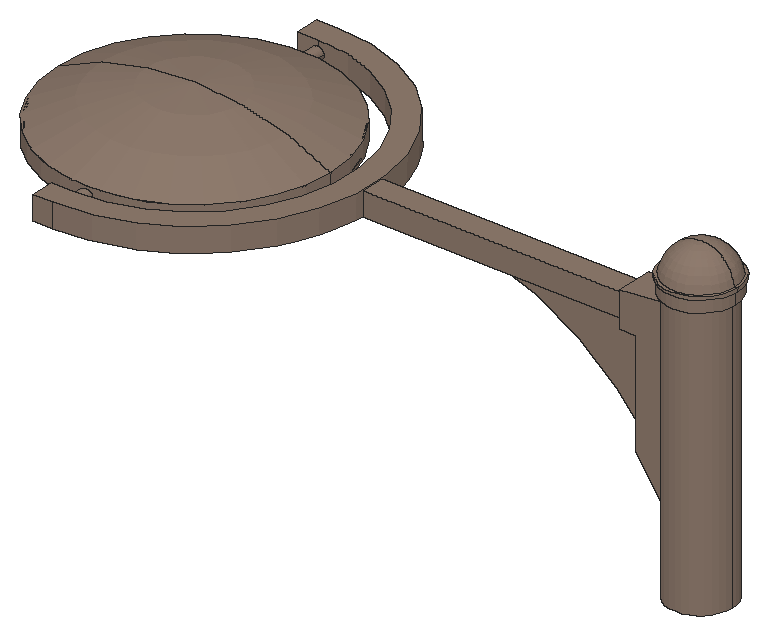
Revit family "LA6231", category Generic Models, Revit 2014
Parameters
  ARM = Bronze, Architectural
Reference planes (in)
  plane 1 "Center (Front/Back)": y = 0
  plane 2: z = 0
  plane 3 "Center (Left/Right)": x = 0
Forms (in)
  Revolve 1, solid, material "Bronze, Architectural" <- "ARM"
    sketch origin (0, 0, 0) x (1, 0, 0) y (0, 0, 1)
      loop
        line (-2, 18) -> (-2, 0) -> (-1.86949, 0) -> (-1.86949, 18) -> (-2, 18)
      axis (0, 18) -> (0, 0)
    angle from 0 to 360
  Revolve 2, solid, material "Bronze, Architectural" <- "ARM"
    sketch origin (0, 0, 0) x (1, 0, 0) y (0, 0, 1)
      loop
        line (-2.16667, 18.27083) -> (-2.35208, 18.27083) -> (-2.35208, 18.0625) -> (-2.21875, 18.0625) -> (-2.21875, 17.25) -> (-2.09375, 17.25) -> (-2.05699, 18) -> (-1.93199, 18)
        arc (-1.93199, 18) -> (-1.39037, 19.40995) -> (0, 20) r 1.93314
        line (0, 20) -> (0, 20.125)
        arc (0, 20.125) -> (-1.42587, 19.59818) -> (-2.16667, 18.27083) r 2.193
      axis (0, 20.125) -> (0, 17.25)
    angle from 0 to 360
  Extrusion 3, solid, material "Bronze, Architectural" <- "ARM"
    sketch origin (0, 0, 0) x (1, 0, 0) y (0, 0, 1)
      loop
        line (-1.53442, 16.55097) -> (-4.19457, 16.37362) -> (-4.19457, 14.125) -> (-3.19457, 14.08134) -> (-3.19457, 7.5625) -> (-1.53442, 5.07941) -> (-1.53442, 16.55097)
    from -1.125 to 1.125
  Extrusion 4, solid, material "Bronze, Architectural" <- "ARM"
    sketch origin (0, 0, 0) x (1, 0, 0) y (0, 0, 1)
      loop
        line (-21.25, 15.99053) -> (-21.25, 14.5) -> (-3.7069, 14.5) -> (-3.7069, 15.99053) -> (-21.25, 15.99053)
    from -0.75 to 0.75
  Extrusion 5, solid, material "Bronze, Architectural" <- "ARM"
    sketch origin (0, 0, 0) x (1, 0, 0) y (0, 0, 1)
      loop
        line (-3.19457, 7.5625) -> (-3.19457, 14.5) -> (-13.37216, 14.5)
        arc (-13.37216, 14.5) -> (-7.67035, 11.93058) -> (-3.19457, 7.5625) r 17.96819
    from -0.0625 to 0.0625
  Revolve 6, solid, material "Bronze, Architectural" <- "ARM"
    sketch origin (-7.56347, 0, 0.0001) x (1, 0, 0) y (0, 0, 1)
      loop
        line (-30.88712, 15.23705) -> (-30.88712, 15.32919) -> (-31.27737, 15.32919)
        arc (-31.27737, 15.32919) -> (-31.3562, 15.30093) -> (-31.39912, 15.22903) r 0.12408
        line (-31.39912, 15.22903) -> (-31.70383, 14.29978) -> (-31.91985, 14.29978)
        arc (-31.91985, 14.29978) -> (-31.95564, 14.28883) -> (-31.97919, 14.25974) r 0.064
        line (-31.97919, 14.25974) -> (-32.09682, 13.96847) -> (-32.32119, 13.96847) -> (-32.86397, 14.77307) -> (-32.86397, 15.71457) -> (-32.95397, 15.71457) -> (-32.95397, 14.78733)
        arc (-32.95397, 14.78733) -> (-32.94801, 14.74745) -> (-32.93065, 14.71106) r 0.13638
        line (-32.93065, 14.71106) -> (-32.38678, 13.90484)
        arc (-32.38678, 13.90484) -> (-32.36431, 13.88461) -> (-32.33497, 13.87729) r 0.0625
        line (-32.33497, 13.87729) -> (-32.08133, 13.87729)
        arc (-32.08133, 13.87729) -> (-32.04812, 13.88745) -> (-32.02627, 13.91443) r 0.05939
        line (-32.02627, 13.91443) -> (-31.9029, 14.21978) -> (-31.63534, 14.21978) -> (-31.3136, 15.20099)
        arc (-31.3136, 15.20099) -> (-31.29798, 15.22689) -> (-31.2695, 15.23705) r 0.045
        line (-31.2695, 15.23705) -> (-30.88712, 15.23705)
      axis (-24.43749, 15.71457) -> (-24.43749, 13.87729)
    angle from 0 to 360
  Revolve 7, solid, material "Bronze, Architectural" <- "ARM"
    sketch origin (-7.56347, 0, 0.0001) x (1, 0, 0) y (0, 0, 1)
      loop
        line (-33.05936, 15.76414) -> (-33.05936, 14.73566) -> (-32.96936, 14.73566) -> (-32.96936, 15.70978)
        arc (-32.96936, 15.70978) -> (-28.82913, 17.26482) -> (-24.43749, 17.78745) r 18.40764
        line (-24.43749, 17.78745) -> (-24.43749, 17.87729)
        arc (-24.43749, 17.87729) -> (-28.87707, 17.3456) -> (-33.05936, 15.76414) r 18.49749
      axis (-24.43749, 17.87729) -> (-24.43749, 14.73566)
    angle from 0 to 360
  Extrusion 8, solid, material "Bronze, Architectural" <- "ARM"
    sketch origin (0, -10.00754, -4.00754) x (0, -1, 0) y (1, 0, 0)
      loop
        arc (1.24246, -32) -> (-10.00754, -20.75) -> (-21.25754, -32) r 11.25
        line (-21.25754, -32) -> (-21.25754, -33.25) -> (-19.75754, -33.25) -> (-19.75754, -32)
        arc (-19.75754, -32) -> (-10.00754, -22.25) -> (-0.25754, -32) r 9.75
        line (-0.25754, -32) -> (-0.25754, -33.25) -> (1.24246, -33.25) -> (1.24246, -32)
    from 18.50754 to 20.00754
  Revolve 9, solid, material "Bronze, Architectural" <- "ARM"
    sketch origin (0, -10.00754, 15.25808) x (0, -1, 0) y (1, 0, 0)
      loop
        line (-19.81896, -32.375) -> (-18.56896, -32.375) -> (-18.56896, -32) -> (-19.81896, -32) -> (-19.81896, -32.375)
      loop
        line (-0.19613, -32.375) -> (-0.19613, -32) -> (-1.44613, -32) -> (-1.44613, -32.375) -> (-0.19613, -32.375)
      axis (-0.19613, -32) -> (-19.81896, -32)
    angle from 0 to 360
Cuts and joins
  joined: Extrusion 4, Extrusion 8
  joined: Revolve 1, Extrusion 3
Dimensions and locks (in)
  aligned and locked: plane 2 to level
